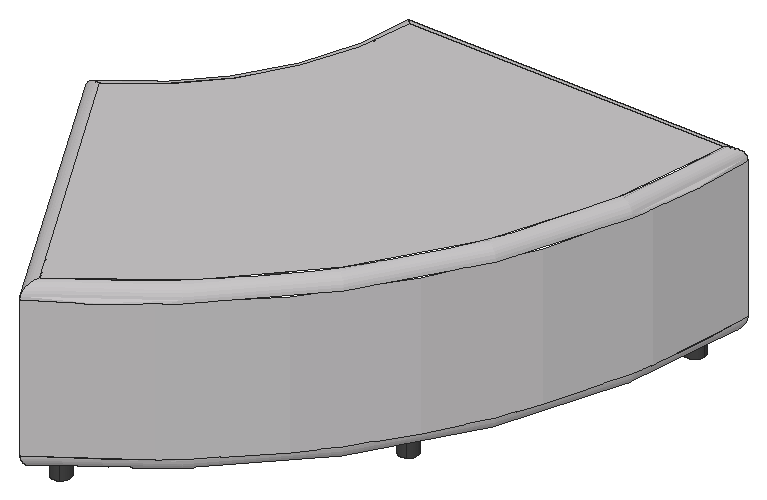
Revit family "FU_Chair_Sandler_ENTROPY_ENT0055TA", category Furniture, Revit 2020
Family settings
  OmniClass Number = 23.21.23.15.17
  Work Plane-Based = Yes
  Always vertical = No
  Cut with Voids When Loaded = No
  Shared = No
  Room Calculation Point = No
Parameters (values of type "ENTROPY ENT0055TA")
  Youtube clip = ""
  Width = 1136.000 mm
  Uniformat II Description = "Movable Furnishings"
  Uniformat II Code = ""
  Uniclass 2015 Name = ""
  Uniclass 2015 Code = ""
  Uniclass 2.0 Description = ""
  Uniclass 2.0 Code = ""
  Uniclass 1.4 Description = ""
  Uniclass 1.4 Code = ""
  UNSPSC Code = ""
  Technical description = ""
  Seat Material = Leather - Gaja - 60005
  Frame Material = Steel - Frame - Black
  Region South America = "All"
  Region Oceania = "All"
  Region North America = "All"
  Region Middle East = "All"
  Region Europe = "All"
  Region Asia = "All"
  Region Antarctica = "All"
  Region Africa = "All"
  QR code = ""
  Product url = "https://www.sandlerseating.com/product/ent0055ta/"
  Product name = ""
  Product group = "Chair"
  Product family = "Furniture"
  Product data url = "https://www.sandlerseating.com/product/ent0055ta/"
  Product certification = ""
  Product SKU = ""
  Product Guid = ""
  OmniClass Description = ""
  OmniClass Code = "23-21 23 15 17"
  NBS Reference Description = ""
  NBS Reference Code = ""
  Model = "ENTROPY ENT0055TA"
  Masterformat 2014 Description = "Chair Mats"
  Masterformat 2014 Code = "12 48 43.13"
  Manufacturer name = "Sandler"
  Manufacturer country = "UK"
  Manufacturer = "Sandler"
  Installation instructions = ""
  IFC Classification = "Furnishing Element"
  GTIN code = ""
  Edition number = 1
  Design country = "UK"
  Description = "Chair"
  Depth = 1180.000 mm
  Default Elevation = 0.000 mm
  Date of publishing = ""
  COBIe Type Category = ""
  Brand url = "https://www.sandlerseating.com/"
  BIMobject main category code = "furniture"
  BIMobject main category = "Furniture"
  BIMobject category code = "furniture-chair"
  BIMobject category = "Chair"
Reference planes
  plane 1 "Center Front/Back": y = 0
  plane 2: z = 0
  plane 3 "Center Left/Right": x = 0
  plane 4: z = 410
  plane 5: z = 40
  plane 6: x = 1356
  plane 7: through (0, 0, 1219.2) normal (0.866, 0.5, 0)
Forms (mm)
  Extrusion 1, solid, material "Steel - Frame - Black" <- "Frame Material"
    sketch origin (0, 0, 0) x (1, 0, 0) y (0, 1, 0)
      loop
        circle (662.5, -62.5) r 20
      loop
        circle (573.575, -331.154) r 20
      loop
        circle (385.377, -542.492) r 20
      loop
        circle (1119.341, -646.252) r 20
      loop
        circle (1289.5, -62.5) r 20
      loop
        circle (698.877, -1085.49) r 20
    from 0 to 40
  Extrusion 2, solid, material "Leather - Gaja - 60005" <- "Seat Material"
    sketch origin (0, 0, 160) x (1, 0, 0) y (0, 1, 0)
      loop
        arc (600, 0) -> (519.615, -300) -> (300, -519.615) r 600
        line (300, -519.615) -> (678, -1174.33)
        arc (678, -1174.33) -> (1174.33, -678) -> (1356, 0) r 1356
        line (1356, 0) -> (600, 0)
    from -120 to 250
  Sweep 3, void
    path in 3D
      loop
        arc (600, 0, 410) -> (519.615, -300, 410) -> (300, -519.615, 410) r 600
        line (300, -519.615, 410) -> (678, -1174.33, 410)
        arc (678, -1174.33, 410) -> (1174.33, -678, 410) -> (1356, 0, 410) r 1356
        line (1356, 0, 410) -> (600, 0, 410)
    profile origin (978, 0, 410) x (0, -1, 0) y (0, 0, 1)
      loop
        line (0, 0) -> (0, -30)
        arc (0, -30) -> (8.787, -8.787) -> (30, 0) r 30
        line (30, 0) -> (0, 0)
      loop
        line (0, -370) -> (30, -370)
        arc (30, -370) -> (8.787, -361.213) -> (0, -340) r 30
        line (0, -340) -> (0, -370)
Cuts and joins
  Sweep 3 cuts Extrusion 2
Lines and regions (mm)
  sketch lines
    curve 1: line (1356, 0, 410) -> (600, 0, 410)
    curve 2: arc (1356, 0, 410) -> (1174.33, -678, 410) -> (678, -1174.33, 410) r 1356
    curve 3: line (300, -519.615, 410) -> (678, -1174.33, 410)
    curve 4: arc (300, -519.615, 410) -> (519.615, -300, 410) -> (600, 0, 410) r 600
Dimensions and locks
  aligned and locked: level to plane 2
